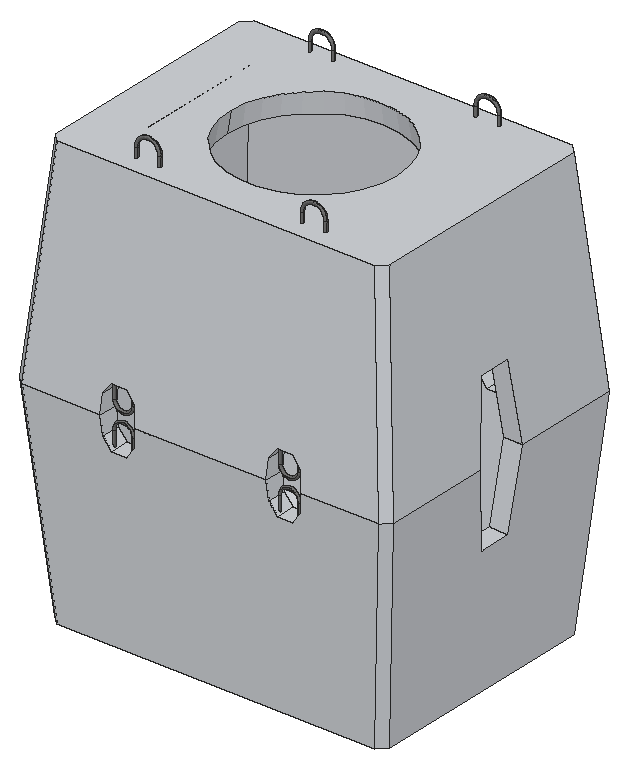
Revit family "110101-00058 Колодец ККСр-2-10(80)", category Обобщенные модели, Revit 2019
Family settings
  Основа = Перекрытие
  Может служить основой для арматурных стержней = Нет
  Размер круглого соединителя = Использовать диаметр
  Тип детали = Нормальный
  Всегда вертикально = Да
  При загрузке вырезать с полостями = Нет
  Общий = Нет
  Точка расчета площади = Нет
Parameters (values of type "Колодец ККСр-2-10(80) ГЕК-ССД (В25)")
  ADSK_Ширина = 1030 mm
  ADSK_Ссылка на сайт = "https://www.ssd.ru/kolodets-kksr-2-10-80-gek-ssd-v22-5"
  ADSK_Сертификат соответствия = "https://www.ssd.ru/upload/iblock/ec0/sert_b25_0221.pdf"
  ADSK_Наименование = "Колодец ККСр-2-10(80)"
  ADSK_Масса = "1400"
  ADSK_Марка = "ГЕК-ССД"
  ADSK_Код изделия = "110101-00058"
  ADSK_Класс бетона = "В25"
  ADSK_Изготовитель = "АО \"СВЯЗЬСТРОЙДЕТАЛЬ\""
  ADSK_Длина = 1350 mm
  ADSK_Высота = 1560 mm
Reference planes
  plane 1 "По центру (Вперед/Назад)": y = 0
  plane 2: z = 0
  plane 3 "По центру (Влево/Вправо)": x = 0
Dimensions and locks
  "ADSK_Высота": level to nested 2
  "ADSK_Ширина": nested 2 to nested 2  (x2)
  "ADSK_Длина": nested 2 to nested 2
  aligned and locked: level to plane 2
Nested families
  nested 1: "110101-00058 Колодец ККСр-2-10(80)Низ" at (0, 0, 0), type "110101-00058 Колодец ККСр-2-10(80)Низ"
  nested 2: "110101-00058 Колодец ККСр-2-10(80) Вверх" at (0, 0, 780), type "110101-00058 Колодец ККСр-2-10(80) Вверх"
Definition of nested family "110101-00058 Колодец ККСр-2-10(80)Низ"
  Parameters
    ADSK_Ширина = 1030 mm
    ADSK_Длина = 1350 mm
    ADSK_Высота = 780 mm
    1 = 260 mm
  Reference planes
    plane 1 "По центру (Вперед/Назад)": y = 0
    plane 2: z = 0
    plane 3 "По центру (Влево/Вправо)": x = 0
    plane 4: z = 80
    plane 5: z = 120
    plane 6: z = 780
    plane 7: y = 515
    plane 8: y = -515
    plane 9: x = -675
    plane 10: x = 675
    plane 11: z = 40
  Forms (mm)
    Blend 1, solid
      base sketch origin (0, 0, 0) x (1, 0, 0) y (0, 1, 0)
        loop
          line (-575, 445) -> (-605, 415) -> (-605, -415) -> (-575, -445) -> (575, -445) -> (605, -415) -> (605, 415) -> (575, 445) -> (-575, 445)
      top sketch origin (0, 0, 0) x (1, 0, 0) y (0, 1, 0)
        loop
          line (-645, 515) -> (-675, 485) -> (-675, -485) -> (-645, -515) -> (645, -515) -> (675, -485) -> (675, 485) -> (645, 515) -> (-645, 515)
      from 0 to 780
    Blend 2, void
      base sketch origin (0, 0, 0) x (1, 0, 0) y (0, 1, 0)
        loop
          line (-555, 395) -> (-555, -395) -> (555, -395) -> (555, 395) -> (-555, 395)
      top sketch origin (0, 0, 0) x (1, 0, 0) y (0, 1, 0)
        loop
          line (-605, 445) -> (-605, -445) -> (605, -445) -> (605, 445) -> (-605, 445)
      from 120 to 780
    Blend 3, void
      base sketch origin (0, 0, 0) x (1, 0, 0) y (0, 1, 0)
        loop
          line (-512, 352) -> (-512, -352) -> (512, -352) -> (512, 352) -> (-512, 352)
      top sketch origin (0, 0, 0) x (1, 0, 0) y (0, 1, 0)
        loop
          line (-555, 395) -> (-555, -395) -> (555, -395) -> (555, 395) -> (-555, 395)
      from 80 to 120
    Blend 4, void
      base sketch origin (0, 0, 0) x (1, 0, 0) y (0, 1, 0)
        loop
          line (-100, -75) -> (100, -75) -> (100, 75) -> (-100, 75) -> (-100, -75)
      top sketch origin (0, 0, 0) x (1, 0, 0) y (0, 1, 0)
        loop
          line (-140, 115) -> (-140, -115) -> (140, -115) -> (140, 115) -> (-140, 115)
      from 40 to 80
    Extrusion 5, void
      sketch origin (0, 0, 0) x (0, 1, 0) y (0, 0, 1)
        loop
          line (97.5, 780) -> (-97.5, 780) -> (-62.5, 495) -> (62.5, 495) -> (97.5, 780)
      from 580.052 to 675
    Extrusion 6, void
      sketch origin (0, 0, 0) x (0, 1, 0) y (0, 0, -1)
        loop
          line (97.5, -780) -> (62.5, -495) -> (-62.5, -495) -> (-97.5, -780) -> (97.5, -780)
      from 580.052 to 675
    Extrusion 7, void
      sketch origin (0, 0, 0) x (1, 0, 0) y (0, 0, 1)
        loop
          line (-327, 670) -> (-272, 670) -> (-242, 710) -> (-237, 780) -> (-362, 780) -> (-357, 710) -> (-327, 670)
      from 435.5 to 515
    Extrusion 8, void
      sketch origin (0, 0, 0) x (1, 0, 0) y (0, 0, -1)
        loop
          line (-327, -670) -> (-357, -710) -> (-362, -780) -> (-237, -780) -> (-242, -710) -> (-272, -670) -> (-327, -670)
      from 435.5 to 515
    Extrusion 9, void
      sketch origin (0, 0, 0) x (-1, 0, 0) y (0, 0, 1)
        loop
          line (-327, 670) -> (-272, 670) -> (-242, 710) -> (-237, 780) -> (-362, 780) -> (-357, 710) -> (-327, 670)
      from 435.5 to 515
    Extrusion 10, void
      sketch origin (0, 0, 0) x (-1, 0, 0) y (0, 0, -1)
        loop
          line (-327, -670) -> (-357, -710) -> (-362, -780) -> (-237, -780) -> (-242, -710) -> (-272, -670) -> (-327, -670)
      from 435.5 to 515
    Sweep 11, solid, detail levels fine
      path origin (0, 0, -1.333) x (1, 0, 0) y (0, 0, 1)
        loop
          line (-264.5, 676) -> (-264.5, 731)
          arc (-264.5, 731) -> (-299.5, 766) -> (-334.5, 731) r 35
          line (-334.5, 731) -> (-334.5, 676)
      profile origin (-334.5, 0, 702.167) x (0, -1, 0) y (1, 0, 0)
        loop
          circle (-485.961, 0) r 4
    Sweep 12, solid, detail levels fine
      path origin (0, 0, -1.333) x (-1, 0, 0) y (0, 0, 1)
        loop
          line (-264.5, 676) -> (-264.5, 731)
          arc (-264.5, 731) -> (-299.5, 766) -> (-334.5, 731) r 35
          line (-334.5, 731) -> (-334.5, 676)
      profile origin (334.5, 0, 702.167) x (0, -1, 0) y (1, 0, 0)
        loop
          circle (-485.961, 0) r 4
    Sweep 13, solid, detail levels fine
      path origin (0, 0, -1.333) x (-1, 0, 0) y (0, 0, 1)
        loop
          line (-264.5, 676) -> (-264.5, 731)
          arc (-264.5, 731) -> (-299.5, 766) -> (-334.5, 731) r 35
          line (-334.5, 731) -> (-334.5, 676)
      profile origin (334.5, 0, 702.167) x (0, 1, 0) y (-1, 0, 0)
        loop
          circle (-485.961, 0) r 4
    Sweep 14, solid, detail levels fine
      path origin (0, 0, -1.333) x (1, 0, 0) y (0, 0, -1)
        loop
          line (-264.5, -676) -> (-264.5, -731)
          arc (-264.5, -731) -> (-299.5, -766) -> (-334.5, -731) r 35
          line (-334.5, -731) -> (-334.5, -676)
      profile origin (-334.5, 0, 702.167) x (0, 1, 0) y (-1, 0, 0)
        loop
          circle (-485.961, 0) r 4
    Blend 15, void
      base sketch origin (0, 0, 0) x (1, 0, 0) y (0, 1, 0)
        loop
          line (-110, 445) -> (-110, 430) -> (110, 430) -> (110, 445) -> (-110, 445)
      top sketch origin (0, 0, 0) x (1, 0, 0) y (0, 1, 0)
        loop
          line (-130, 455) -> (-130, 420) -> (130, 420) -> (130, 455) -> (-130, 455)
      from 780 to 632
    Blend 16, void
      base sketch origin (0, 0, 0) x (1, 0, 0) y (0, 1, 0)
        loop
          line (-110, -445) -> (110, -445) -> (110, -430) -> (-110, -430) -> (-110, -445)
      top sketch origin (0, 0, 0) x (1, 0, 0) y (0, 1, 0)
        loop
          line (-130, -455) -> (130, -455) -> (130, -420) -> (-130, -420) -> (-130, -455)
      from 780 to 632
  Cuts and joins
    Blend 2, Blend 3, Blend 4, Extrusion 5, Extrusion 6, Extrusion 7, Extrusion 8, Extrusion 9, Extrusion 10, Blend 15, Blend 16 cuts Blend 1
  Lines and regions (mm)
    reference lines
      curve 1: line (0, 515, 0) -> (0, 445, 0)
  Dimensions and locks
    locked: plane 4 to plane 2 at 80
    locked: plane 5 to plane 4 at 40
    "ADSK_Высота": plane 6 to plane 2
    "ADSK_Длина": plane 9 to plane 10
    equal spacing: plane 9, plane 3 "По центру (Влево/Вправо)", plane 10
    "ADSK_Ширина": plane 7 to plane 8
    equal spacing: plane 7, plane 1 "По центру (Вперед/Назад)", plane 8
    plane 6 to level = 780 mm
    aligned and locked: level to plane 2
    aligned and locked: Blend 1 sketch curve to plane 7
    aligned and locked: plane 9 to Blend 1 sketch curve
    aligned and locked: plane 8 to Blend 1 sketch curve
    aligned and locked: Blend 1 sketch curve to plane 10
    aligned and locked: plane 6 to Blend 1
    aligned and locked: Blend 1 to level
    aligned and locked: Blend 3 sketch curve to cut or joined group of Blend 1, Blend 2, Blend 3, Blend 4, Extrusion 5, Extrusion 6, Extrusion 7, Extrusion 8, Extrusion 9, Extrusion 10, Blend 15, Blend 16  (x4)
    aligned and locked: plane 5 to Blend 3
    aligned and locked: Blend 3 to plane 4
    aligned and locked: plane 4 to Blend 4
    aligned and locked: Blend 4 to plane 11
    aligned and locked: Blend 3 to Blend 2
    aligned and locked: Blend 3 to Blend 4
  Automatic sketch dimensions
    plane 9 to Blend 1 sketch curve = 70 mm
    Blend 1 sketch curve to Blend 1 sketch curve = 30 mm  (x6)
    Blend 1 sketch curve to plane 10 = 100 mm  (x2)
    plane 8 to Blend 1 sketch curve = 70 mm
    Blend 1 sketch curve to plane 7 = 100 mm  (x2)
    plane 9 to Blend 1 sketch curve = 30 mm  (x2)
    Blend 1 sketch curve to plane 10 = 30 mm  (x2)
    plane 8 to Blend 1 sketch curve = 30 mm  (x2)
    Blend 1 sketch curve to plane 7 = 30 mm  (x2)
    plane 9 to Blend 2 sketch curve = 120 mm
    Blend 2 sketch curve to plane 10 = 120 mm
    plane 8 to Blend 2 sketch curve = 120 mm
    Blend 2 sketch curve to plane 7 = 120 mm
    plane 9 to Blend 2 sketch curve = 70 mm
    Blend 2 sketch curve to plane 10 = 70 mm
    plane 8 to Blend 2 sketch curve = 70 mm
    Blend 2 sketch curve to plane 7 = 70 mm
    plane 9 to Blend 3 sketch curve = 163 mm
    Blend 3 sketch curve to plane 10 = 163 mm
    plane 8 to Blend 3 sketch curve = 163 mm
    Blend 3 sketch curve to plane 7 = 163 mm
    Blend 4 sketch curve to plane 3 "По центру (Влево/Вправо)" = 100 mm
    plane 3 "По центру (Влево/Вправо)" to Blend 4 sketch curve = 100 mm
    plane 1 "По центру (Вперед/Назад)" to Blend 4 sketch curve = 75 mm
    Blend 4 sketch curve to plane 1 "По центру (Вперед/Назад)" = 75 mm
    Blend 4 sketch curve to plane 3 "По центру (Влево/Вправо)" = 140 mm
    plane 3 "По центру (Влево/Вправо)" to Blend 4 sketch curve = 140 mm
    plane 1 "По центру (Вперед/Назад)" to Blend 4 sketch curve = 115 mm
    Blend 4 sketch curve to plane 1 "По центру (Вперед/Назад)" = 115 mm
    curve 1 to plane 3 "По центру (Влево/Вправо)" = 0 mm
    curve 1 to plane 7 = 0 mm
    curve 1 to plane 7 = 70 mm
    Extrusion 5 sketch curve to plane 6 = 0 mm
    plane 1 "По центру (Вперед/Назад)" to Extrusion 5 sketch curve = 97.5 mm
    plane 1 "По центру (Вперед/Назад)" to Extrusion 5 sketch curve = 62.5 mm
    Extrusion 5 sketch curve to plane 1 "По центру (Вперед/Назад)" = 62.5 mm
    Extrusion 5 sketch curve to plane 1 "По центру (Вперед/Назад)" = 97.5 mm
    Extrusion 5 sketch curve to plane 6 = 285 mm
    Extrusion 6 sketch curve to plane 6 = 0 mm
    plane 1 "По центру (Вперед/Назад)" to Extrusion 6 sketch curve = 97.5 mm
    plane 1 "По центру (Вперед/Назад)" to Extrusion 6 sketch curve = 62.5 mm
    Extrusion 6 sketch curve to plane 1 "По центру (Вперед/Назад)" = 62.5 mm
    Extrusion 6 sketch curve to plane 1 "По центру (Вперед/Назад)" = 97.5 mm
    Extrusion 6 sketch curve to plane 6 = 285 mm
    Extrusion 7 sketch curve to plane 6 = 0 mm
    plane 9 to Extrusion 7 sketch curve = 313 mm
    Extrusion 7 sketch curve to plane 6 = 70 mm  (x2)
    Extrusion 7 sketch curve to Extrusion 7 sketch curve = 5 mm  (x2)
    Extrusion 7 sketch curve to Extrusion 7 sketch curve = 30 mm  (x2)
    Extrusion 7 sketch curve to plane 6 = 110 mm
    Extrusion 7 sketch curve to Extrusion 7 sketch curve = 55 mm
    Extrusion 8 sketch curve to plane 6 = 0 mm
    plane 9 to Extrusion 8 sketch curve = 313 mm
    Extrusion 8 sketch curve to plane 6 = 70 mm  (x2)
    Extrusion 8 sketch curve to Extrusion 8 sketch curve = 5 mm  (x2)
    Extrusion 8 sketch curve to Extrusion 8 sketch curve = 30 mm  (x2)
    Extrusion 8 sketch curve to plane 6 = 110 mm
    Extrusion 8 sketch curve to Extrusion 8 sketch curve = 55 mm
    Extrusion 9 sketch curve to plane 6 = 0 mm
    Extrusion 9 sketch curve to plane 10 = 313 mm
    Extrusion 9 sketch curve to plane 6 = 70 mm  (x2)
    Extrusion 9 sketch curve to Extrusion 9 sketch curve = 5 mm  (x2)
    Extrusion 9 sketch curve to Extrusion 9 sketch curve = 30 mm  (x2)
    Extrusion 9 sketch curve to plane 6 = 110 mm
    Extrusion 9 sketch curve to Extrusion 9 sketch curve = 55 mm
    Extrusion 10 sketch curve to plane 6 = 0 mm
    Extrusion 10 sketch curve to plane 10 = 313 mm
    Extrusion 10 sketch curve to plane 6 = 70 mm  (x2)
    Extrusion 10 sketch curve to Extrusion 10 sketch curve = 5 mm  (x2)
    Extrusion 10 sketch curve to Extrusion 10 sketch curve = 30 mm  (x2)
    Extrusion 10 sketch curve to plane 6 = 110 mm
    Extrusion 10 sketch curve to Extrusion 10 sketch curve = 55 mm
    Sweep 11 sketch curve to plane 6 = 50.333 mm
    Sweep 11 sketch curve to plane 3 "По центру (Влево/Вправо)" = 334.5 mm
    Sweep 11 sketch curve to Sweep 11 sketch curve = 35 mm
    Sweep 11 sketch curve to Sweep 11 sketch curve = 55 mm  (x2)
    Sweep 11 sketch curve to profile plane = 0 mm
    Sweep 11 sketch curve to plane 1 "По центру (Вперед/Назад)" = 485.961 mm
    plane 6 to Sweep 12 sketch curve = 50.333 mm
    Sweep 12 sketch curve to plane 3 "По центру (Влево/Вправо)" = 334.5 mm
    Sweep 12 sketch curve to Sweep 12 sketch curve = 35 mm
    Sweep 12 sketch curve to Sweep 12 sketch curve = 55 mm  (x2)
    Sweep 12 sketch curve to profile plane = 0 mm
    Sweep 12 sketch curve to plane 1 "По центру (Вперед/Назад)" = 485.961 mm
    Sweep 13 sketch curve to plane 6 = 50.333 mm
    plane 3 "По центру (Влево/Вправо)" to Sweep 13 sketch curve = 334.5 mm
    Sweep 13 sketch curve to Sweep 13 sketch curve = 35 mm
    Sweep 13 sketch curve to Sweep 13 sketch curve = 55 mm  (x2)
    Sweep 13 sketch curve to profile plane = 0 mm
    Sweep 13 sketch curve to profile plane = 485.961 mm
    Sweep 14 sketch curve to plane 6 = 50.333 mm
    Sweep 14 sketch curve to plane 3 "По центру (Влево/Вправо)" = 334.5 mm
    Sweep 14 sketch curve to Sweep 14 sketch curve = 35 mm
    Sweep 14 sketch curve to Sweep 14 sketch curve = 55 mm  (x2)
    Sweep 14 sketch curve to profile plane = 0 mm
    Sweep 14 sketch curve to profile plane = 485.961 mm
    Blend 15 sketch curve to plane 3 "По центру (Влево/Вправо)" = 110 mm
    plane 3 "По центру (Влево/Вправо)" to Blend 15 sketch curve = 110 mm
    Blend 15 sketch curve to plane 7 = 85 mm
    Blend 15 sketch curve to Blend 15 sketch curve = 15 mm
    Blend 15 sketch curve to plane 7 = 60 mm
    Blend 15 sketch curve to plane 3 "По центру (Влево/Вправо)" = 130 mm
    plane 3 "По центру (Влево/Вправо)" to Blend 15 sketch curve = 130 mm
    Blend 15 sketch curve to Blend 15 sketch curve = 35 mm
    plane 3 "По центру (Влево/Вправо)" to Blend 16 sketch curve = 110 mm
    Blend 16 sketch curve to plane 3 "По центру (Влево/Вправо)" = 110 mm
    Blend 16 sketch curve to plane 8 = 85 mm
    Blend 16 sketch curve to Blend 16 sketch curve = 15 mm
    Blend 16 sketch curve to plane 8 = 60 mm
    plane 3 "По центру (Влево/Вправо)" to Blend 16 sketch curve = 130 mm
    Blend 16 sketch curve to plane 3 "По центру (Влево/Вправо)" = 130 mm
    Blend 16 sketch curve to Blend 16 sketch curve = 35 mm
    radius of Sweep 11 sketch curve = 4 mm
    radius of Sweep 12 sketch curve = 4 mm
    radius of Sweep 13 sketch curve = 4 mm
    radius of Sweep 14 sketch curve = 4 mm
Definition of nested family "110101-00058 Колодец ККСр-2-10(80) Вверх"
  Parameters (values of type "110101-00058 Колодец ККСр-2-10(80) Вверх")
    ADSK_c = 1030 mm
    ADSK_I = 1350 mm
  Reference planes
    plane 1 "По центру (Вперед/Назад)": y = 0
    plane 2: z = 0
    plane 3 "По центру (Влево/Вправо)": x = 0
    plane 4: z = 660
    plane 5: z = 700
    plane 6: z = 780
    plane 7: y = 515
    plane 8: y = -515
    plane 9: x = -675
    plane 10: x = 675
  Forms (mm)
    Blend 1, solid
      base sketch origin (0, 0, 0) x (1, 0, 0) y (0, 1, 0)
        loop
          line (-575, 445) -> (-603.978, 413.978) -> (-603.978, -413.925) -> (-575, -445) -> (575, -445) -> (605, -415) -> (605, 415) -> (575, 445) -> (-575, 445)
      top sketch origin (0, 0, 0) x (1, 0, 0) y (0, 1, 0)
        loop
          line (-645, 515) -> (-675, 485) -> (-675, -485) -> (-645, -515) -> (645, -515) -> (675, -485) -> (675, 485) -> (645, 515) -> (-645, 515)
      from 780 to 0
    Blend 2, void
      base sketch origin (0, 0, 0) x (1, 0, 0) y (0, 1, 0)
        loop
          circle (0, 0) r 315
      top sketch origin (0, 0, 0) x (1, 0, 0) y (0, 1, 0)
        loop
          circle (0, 0) r 300
      from 700 to 780
    Extrusion 3, void
      sketch origin (0, 0, 0) x (0, 1, 0) y (0, 0, 1)
        loop
          line (97.5, 0) -> (62.5, 283.943) -> (-62.5, 283.943) -> (-97.5, 0) -> (97.5, 0)
      from 577.993 to 675
    Extrusion 4, void
      sketch origin (0, 0, 0) x (0, 1, 0) y (0, 0, -1)
        loop
          line (97.5, 0) -> (-97.5, 0) -> (-62.5, -283.943) -> (62.5, -283.943) -> (97.5, 0)
      from 577.181 to 675
    Extrusion 5, void
      sketch origin (0, 0, 0) x (1, 0, 0) y (0, 0, 1)
        loop
          line (-362, 0) -> (-237, 0) -> (-242, 70) -> (-272, 110) -> (-327, 110) -> (-357, 70) -> (-362, 0)
      from 430.172 to 515
    Extrusion 6, void
      sketch origin (0, 0, 0) x (-1, 0, 0) y (0, 0, -1)
        loop
          line (-362, 0) -> (-357, -70) -> (-327, -110) -> (-272, -110) -> (-242, -70) -> (-237, 0) -> (-362, 0)
      from 430.172 to 515
    Extrusion 7, void
      sketch origin (0, 0, 0) x (-1, 0, 0) y (0, 0, 1)
        loop
          line (-362, 0) -> (-237, 0) -> (-242, 70) -> (-272, 110) -> (-327, 110) -> (-357, 70) -> (-362, 0)
      from 433.687 to 515
    Extrusion 8, void
      sketch origin (0, 0, 0) x (1, 0, 0) y (0, 0, -1)
        loop
          line (-362, 0) -> (-357, -70) -> (-327, -110) -> (-272, -110) -> (-242, -70) -> (-237, 0) -> (-362, 0)
      from 433.687 to 515
    Blend 9, void
      base sketch origin (0, 0, 0) x (1, 0, 0) y (0, 1, 0)
        loop
          line (-553.978, 395) -> (-553.978, -395) -> (553.978, -395) -> (553.978, 395) -> (-553.978, 395)
      top sketch origin (0, 0, 0) x (1, 0, 0) y (0, 1, 0)
        loop
          line (-603.978, 445) -> (-603.978, -445) -> (605, -445) -> (605, 445) -> (-603.978, 445)
      from 660 to 0
    Blend 10, void
      base sketch origin (0, 0, 0) x (1, 0, 0) y (0, 1, 0)
        loop
          line (-510.978, 352) -> (-510.978, -352) -> (510.978, -352) -> (510.978, 352) -> (-510.978, 352)
      top sketch origin (0, 0, 0) x (1, 0, 0) y (0, 1, 0)
        loop
          line (-553.978, 395) -> (-553.978, -395) -> (553.978, -395) -> (553.978, 395) -> (-553.978, 395)
      from 700 to 660
    Sweep 11, solid, detail levels fine
      path origin (5, 0, 23.333) x (-1, 0, 0) y (0, 0, -1)
        loop
          line (-329.5, -83.333) -> (-329.5, -28.333)
          arc (-329.5, -28.333) -> (-294.5, 6.667) -> (-259.5, -28.333) r 35
          line (-259.5, -28.333) -> (-259.5, -83.333)
      profile origin (334.5, 0, 79.167) x (0, -1, 0) y (1, 0, 0)
        loop
          circle (-485, 0) r 5
    Sweep 12, solid, detail levels fine
      path origin (0.705, 0, 0) x (1, 0, 0) y (0, 0, 1)
        loop
          line (-342, 780) -> (-342, 815)
          arc (-342, 815) -> (-300, 857) -> (-258, 815) r 42
          line (-258, 815) -> (-258, 780)
      profile origin (-341.295, 0, 797.5) x (-1, 0, 0) y (0, -1, 0)
        loop
          circle (0, -408) r 5
    Sweep 13, solid, detail levels fine
      path origin (-0.705, 0, 0) x (-1, 0, 0) y (0, 0, 1)
        loop
          line (-342, 780) -> (-342, 815)
          arc (-342, 815) -> (-300, 857) -> (-258, 815) r 42
          line (-258, 815) -> (-258, 780)
      profile origin (341.295, 0, 797.5) x (-1, 0, 0) y (0, -1, 0)
        loop
          circle (0, -408) r 5
    Sweep 14, solid, detail levels fine
      path origin (-0.705, 0, 0) x (-1, 0, 0) y (0, 0, 1)
        loop
          line (-342, 780) -> (-342, 815)
          arc (-342, 815) -> (-300, 857) -> (-258, 815) r 42
          line (-258, 815) -> (-258, 780)
      profile origin (341.295, 0, 797.5) x (1, 0, 0) y (0, 1, 0)
        loop
          circle (0, -375.349) r 5
    Sweep 15, solid, detail levels fine
      path origin (0.705, 0, 0) x (1, 0, 0) y (0, 0, -1)
        loop
          line (-342, -780) -> (-342, -815)
          arc (-342, -815) -> (-300, -857) -> (-258, -815) r 42
          line (-258, -815) -> (-258, -780)
      profile origin (-341.295, 0, 797.5) x (1, 0, 0) y (0, 1, 0)
        loop
          circle (0, -375.349) r 5
    Blend 16, void
      base sketch origin (0, 0, 0) x (1, 0, 0) y (0, 1, 0)
        loop
          line (-110, 445) -> (-110, 430) -> (110, 430) -> (110, 445) -> (-110, 445)
      top sketch origin (0, 0, 0) x (1, 0, 0) y (0, 1, 0)
        loop
          line (-130, 455) -> (-130, 420) -> (130, 420) -> (130, 455) -> (-130, 455)
      from 0 to 148
    Sweep 17, solid, detail levels fine
      path origin (-5, 0, 23.333) x (1, 0, 0) y (0, 0, 1)
        loop
          line (-329.5, 83.333) -> (-329.5, 28.333)
          arc (-329.5, 28.333) -> (-294.5, -6.667) -> (-259.5, 28.333) r 35
          line (-259.5, 28.333) -> (-259.5, 83.333)
      profile origin (-334.5, 0, 79.167) x (0, -1, 0) y (1, 0, 0)
        loop
          circle (-485, 0) r 5
    Sweep 18, solid, detail levels fine
      path origin (-5, 0, 23.333) x (1, 0, 0) y (0, 0, -1)
        loop
          line (-329.5, -83.333) -> (-329.5, -28.333)
          arc (-329.5, -28.333) -> (-294.5, 6.667) -> (-259.5, -28.333) r 35
          line (-259.5, -28.333) -> (-259.5, -83.333)
      profile origin (-334.5, 0, 79.167) x (0, 1, 0) y (-1, 0, 0)
        loop
          circle (-485, 0) r 5
    Sweep 19, solid, detail levels fine
      path origin (5, 0, 23.333) x (-1, 0, 0) y (0, 0, 1)
        loop
          line (-329.5, 83.333) -> (-329.5, 28.333)
          arc (-329.5, 28.333) -> (-294.5, -6.667) -> (-259.5, 28.333) r 35
          line (-259.5, 28.333) -> (-259.5, 83.333)
      profile origin (334.5, 0, 79.167) x (0, 1, 0) y (-1, 0, 0)
        loop
          circle (-485, 0) r 5
    Blend 20, void
      base sketch origin (0, 0, 0) x (1, 0, 0) y (0, 1, 0)
        loop
          line (-110, -445) -> (110, -445) -> (110, -430) -> (-110, -430) -> (-110, -445)
      top sketch origin (0, 0, 0) x (1, 0, 0) y (0, 1, 0)
        loop
          line (-130, -455) -> (130, -455) -> (130, -420) -> (-130, -420) -> (-130, -455)
      from 0 to 148
  Cuts and joins
    Blend 2, Extrusion 3, Extrusion 4, Extrusion 5, Extrusion 6, Extrusion 7, Extrusion 8, Blend 9, Blend 10, Blend 16, Blend 20 cuts Blend 1
  Dimensions and locks
    locked: plane 6 to level at 780
    locked: plane 5 to plane 4 at 40
    locked: plane 6 to plane 5 at 80
    "ADSK_I": plane 9 to plane 10
    equal spacing: plane 9, plane 3 "По центру (Влево/Вправо)", plane 10
    "ADSK_c": plane 7 to plane 8
    equal spacing: plane 7, plane 1 "По центру (Вперед/Назад)", plane 8
    Sweep 11 sketch curve to Sweep 11 sketch curve = 55 mm
    Sweep 17 sketch curve to Sweep 17 sketch curve = 55 mm
    Sweep 18 sketch curve to Sweep 18 sketch curve = 55 mm
    Sweep 19 sketch curve to Sweep 19 sketch curve = 55 mm
    aligned and locked: level to plane 2
    aligned and locked: Blend 1 sketch curve to plane 7
    aligned and locked: Blend 1 sketch curve to plane 10
    aligned and locked: plane 8 to Blend 1 sketch curve
    aligned and locked: plane 9 to Blend 1 sketch curve
    aligned and locked: Blend 10 sketch curve to cut or joined group 1 (Blend 1, Blend 2, Extrusion 3, Extrusion 4, Extrusion 5, Extrusion 6, Extrusion 7, Extrusion 8, Blend 9, Blend 10, Blend 16, Blend 20)  (x3)
    aligned and locked: cut or joined group 1 to Blend 10 sketch curve
    aligned and locked: plane 5 to Blend 10
    aligned and locked: Blend 10 to plane 4
  Automatic sketch dimensions
    plane 9 to Blend 1 sketch curve = 30 mm  (x2)
    Blend 1 sketch curve to plane 10 = 30 mm  (x2)
    plane 8 to Blend 1 sketch curve = 30 mm  (x2)
    Blend 1 sketch curve to plane 7 = 30 mm  (x2)
    plane 1 "По центру (Вперед/Назад)" to Blend 2 sketch curve = 0 mm  (x2)
    Blend 2 sketch curve to plane 3 "По центру (Влево/Вправо)" = 0 mm  (x2)
    Extrusion 3 sketch curve to level = 0 mm
    plane 1 "По центру (Вперед/Назад)" to Extrusion 3 sketch curve = 97.5 mm
    plane 1 "По центру (Вперед/Назад)" to Extrusion 3 sketch curve = 62.5 mm
    Extrusion 3 sketch curve to plane 1 "По центру (Вперед/Назад)" = 62.5 mm
    Extrusion 3 sketch curve to plane 1 "По центру (Вперед/Назад)" = 97.5 mm
    level to Extrusion 3 sketch curve = 283.943 mm
    Extrusion 4 sketch curve to level = 0 mm
    plane 1 "По центру (Вперед/Назад)" to Extrusion 4 sketch curve = 97.5 mm
    plane 1 "По центру (Вперед/Назад)" to Extrusion 4 sketch curve = 62.5 mm
    Extrusion 4 sketch curve to plane 1 "По центру (Вперед/Назад)" = 62.5 mm
    Extrusion 4 sketch curve to plane 1 "По центру (Вперед/Назад)" = 97.5 mm
    level to Extrusion 4 sketch curve = 283.943 mm
    Extrusion 5 sketch curve to level = 0 mm
    plane 9 to Extrusion 5 sketch curve = 313 mm
    level to Extrusion 5 sketch curve = 70 mm  (x2)
    Extrusion 5 sketch curve to Extrusion 5 sketch curve = 5 mm  (x2)
    Extrusion 5 sketch curve to Extrusion 5 sketch curve = 30 mm  (x2)
    Extrusion 5 sketch curve to Extrusion 5 sketch curve = 55 mm
    Extrusion 5 sketch curve to Extrusion 5 sketch curve = 40 mm
    Extrusion 6 sketch curve to level = 0 mm
    plane 10 to Extrusion 6 sketch curve = 313 mm
    Extrusion 6 sketch curve to level = 70 mm  (x2)
    Extrusion 6 sketch curve to Extrusion 6 sketch curve = 5 mm  (x2)
    Extrusion 6 sketch curve to Extrusion 6 sketch curve = 30 mm  (x2)
    Extrusion 6 sketch curve to Extrusion 6 sketch curve = 55 mm
    Extrusion 6 sketch curve to Extrusion 6 sketch curve = 40 mm
    Extrusion 7 sketch curve to level = 0 mm
    Extrusion 7 sketch curve to plane 10 = 313 mm
    level to Extrusion 7 sketch curve = 70 mm  (x2)
    Extrusion 7 sketch curve to Extrusion 7 sketch curve = 5 mm  (x2)
    Extrusion 7 sketch curve to Extrusion 7 sketch curve = 30 mm  (x2)
    Extrusion 7 sketch curve to Extrusion 7 sketch curve = 55 mm
    Extrusion 7 sketch curve to Extrusion 7 sketch curve = 40 mm
    Extrusion 8 sketch curve to level = 0 mm
    plane 9 to Extrusion 8 sketch curve = 313 mm
    level to Extrusion 8 sketch curve = 70 mm  (x2)
    Extrusion 8 sketch curve to Extrusion 8 sketch curve = 5 mm  (x2)
    Extrusion 8 sketch curve to Extrusion 8 sketch curve = 30 mm  (x2)
    Extrusion 8 sketch curve to Extrusion 8 sketch curve = 55 mm
    Extrusion 8 sketch curve to Extrusion 8 sketch curve = 40 mm
    plane 9 to Blend 9 sketch curve = 121.022 mm
    Blend 9 sketch curve to plane 10 = 121.022 mm
    plane 8 to Blend 9 sketch curve = 120 mm
    Blend 9 sketch curve to plane 7 = 120 mm
    plane 9 to Blend 9 sketch curve = 71.022 mm
    Blend 9 sketch curve to plane 10 = 70 mm
    plane 8 to Blend 9 sketch curve = 70 mm
    Blend 9 sketch curve to plane 7 = 70 mm
    plane 9 to Blend 10 sketch curve = 164.022 mm
    Blend 10 sketch curve to plane 10 = 164.022 mm
    plane 8 to Blend 10 sketch curve = 163 mm
    Blend 10 sketch curve to plane 7 = 163 mm
    level to Sweep 11 sketch curve = 51.667 mm
    plane 3 "По центру (Влево/Вправо)" to Sweep 11 sketch curve = 334.5 mm
    Sweep 11 sketch curve to Sweep 11 sketch curve = 35 mm
    Sweep 11 sketch curve to Sweep 11 sketch curve = 55 mm
    Sweep 11 sketch curve to profile plane = 0 mm
    Sweep 11 sketch curve to profile plane = 485 mm
    Sweep 12 sketch curve to plane 6 = 0 mm  (x2)
    plane 6 to Sweep 12 sketch curve = 35 mm
    plane 9 to Sweep 12 sketch curve = 333.705 mm
    Sweep 12 sketch curve to Sweep 12 sketch curve = 42 mm
    Sweep 12 sketch curve to profile plane = 0 mm
    Sweep 12 sketch curve to plane 1 "По центру (Вперед/Назад)" = 408 mm
    Sweep 13 sketch curve to plane 6 = 0 mm  (x2)
    Sweep 13 sketch curve to plane 6 = 35 mm
    plane 10 to Sweep 13 sketch curve = 333.705 mm
    Sweep 13 sketch curve to Sweep 13 sketch curve = 42 mm
    Sweep 13 sketch curve to profile plane = 0 mm
    Sweep 13 sketch curve to plane 1 "По центру (Вперед/Назад)" = 408 mm
    Sweep 14 sketch curve to plane 6 = 0 mm  (x2)
    plane 6 to Sweep 14 sketch curve = 35 mm
    Sweep 14 sketch curve to plane 10 = 333.705 mm
    Sweep 14 sketch curve to Sweep 14 sketch curve = 42 mm
    Sweep 14 sketch curve to profile plane = 0 mm
    Sweep 14 sketch curve to profile plane = 375.349 mm
    Sweep 15 sketch curve to plane 6 = 0 mm  (x2)
    plane 6 to Sweep 15 sketch curve = 35 mm
    plane 9 to Sweep 15 sketch curve = 333.705 mm
    Sweep 15 sketch curve to Sweep 15 sketch curve = 42 mm
    Sweep 15 sketch curve to profile plane = 0 mm
    Sweep 15 sketch curve to profile plane = 375.349 mm
    Blend 16 sketch curve to plane 3 "По центру (Влево/Вправо)" = 110 mm
    plane 3 "По центру (Влево/Вправо)" to Blend 16 sketch curve = 110 mm
    Blend 16 sketch curve to plane 7 = 85 mm
    Blend 16 sketch curve to Blend 16 sketch curve = 15 mm
    Blend 16 sketch curve to plane 3 "По центру (Влево/Вправо)" = 130 mm
    plane 3 "По центру (Влево/Вправо)" to Blend 16 sketch curve = 130 mm
    Blend 16 sketch curve to plane 7 = 95 mm
    Blend 16 sketch curve to Blend 16 sketch curve = 35 mm
    level to Sweep 17 sketch curve = 51.667 mm
    Sweep 17 sketch curve to plane 3 "По центру (Влево/Вправо)" = 334.5 mm
    Sweep 17 sketch curve to Sweep 17 sketch curve = 35 mm
    Sweep 17 sketch curve to Sweep 17 sketch curve = 55 mm
    Sweep 17 sketch curve to profile plane = 0 mm
    Sweep 17 sketch curve to profile plane = 485 mm
    level to Sweep 18 sketch curve = 51.667 mm
    Sweep 18 sketch curve to plane 3 "По центру (Влево/Вправо)" = 334.5 mm
    Sweep 18 sketch curve to Sweep 18 sketch curve = 35 mm
    Sweep 18 sketch curve to Sweep 18 sketch curve = 55 mm
    Sweep 18 sketch curve to profile plane = 0 mm
    Sweep 18 sketch curve to profile plane = 485 mm
    level to Sweep 19 sketch curve = 51.667 mm
    plane 3 "По центру (Влево/Вправо)" to Sweep 19 sketch curve = 334.5 mm
    Sweep 19 sketch curve to Sweep 19 sketch curve = 35 mm
    Sweep 19 sketch curve to Sweep 19 sketch curve = 55 mm
    Sweep 19 sketch curve to profile plane = 0 mm
    Sweep 19 sketch curve to profile plane = 485 mm
    plane 3 "По центру (Влево/Вправо)" to Blend 20 sketch curve = 110 mm
    Blend 20 sketch curve to plane 3 "По центру (Влево/Вправо)" = 110 mm
    Blend 20 sketch curve to plane 8 = 85 mm
    Blend 20 sketch curve to Blend 20 sketch curve = 15 mm
    plane 3 "По центру (Влево/Вправо)" to Blend 20 sketch curve = 130 mm
    Blend 20 sketch curve to plane 3 "По центру (Влево/Вправо)" = 130 mm
    Blend 20 sketch curve to plane 8 = 95 mm
    Blend 20 sketch curve to Blend 20 sketch curve = 35 mm
    plane 9 to Blend 1 sketch curve = 71.022 mm
    Blend 1 sketch curve to Blend 1 sketch curve = 28.978 mm  (x2)
    Blend 1 sketch curve to plane 10 = 100 mm  (x2)
    Blend 1 sketch curve to Blend 1 sketch curve = 30 mm  (x2)
    plane 8 to Blend 1 sketch curve = 70 mm
    Blend 1 sketch curve to Blend 1 sketch curve = 31.075 mm
    Blend 1 sketch curve to plane 7 = 101.022 mm
    Blend 1 sketch curve to plane 7 = 100 mm
    Blend 1 sketch curve to Blend 1 sketch curve = 31.022 mm
    radius of Blend 2 sketch curve = 315 mm
    radius of Blend 2 sketch curve = 300 mm
    radius of Sweep 11 sketch curve = 5 mm
    radius of Sweep 12 sketch curve = 5 mm
    radius of Sweep 13 sketch curve = 5 mm
    radius of Sweep 14 sketch curve = 5 mm
    radius of Sweep 15 sketch curve = 5 mm
    radius of Sweep 17 sketch curve = 5 mm
    radius of Sweep 18 sketch curve = 5 mm
    radius of Sweep 19 sketch curve = 5 mm
